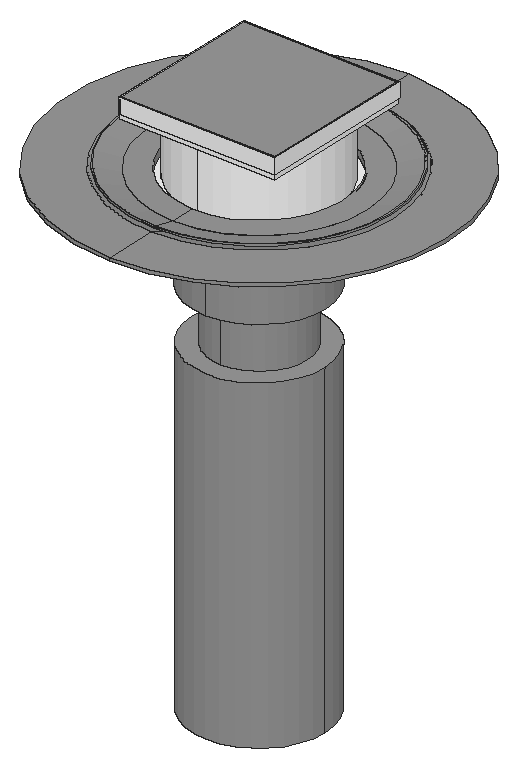
Revit family "HL_RU_Roof drain_HL69B-B-221103", category Sanitärinstallationen, Revit 2020
Family settings
  Bemaßung runder Anschluss = Durchmesser verwenden
  Teiletyp = Normal
  OmniClass-Nummer = 23.70.50.21.24.14
  OmniClass-Titel = Deck Waste Water Drains
  Arbeitsebenenbasiert = Nein
  Immer vertikal = Ja
  Beim Laden mit Abzugskörper schneiden = Nein
  Gemeinsam genutzt = Nein
  Raumberechnungspunkt = Ja
Parameters (values of type "HL_Кровельная воронка_HL69B_2")
  РЕШЁТКА = "Edelstahl 137x137mm"
  РАЗМЕР = "für DN125"
  ПРОПУСКНАЯ СПОСОБНОСТЬ [instance] = 0.0 L/s
  ПРОИЗВОДИТЕЛЬНОСТЬ = "8,17 l/s"
  ПРАВОВАЯ ИНФОРМАЦИЯ = "Авторские права(©), права на дизайн или какие либо другие права интелектуальной собственности являются исключительной собственностью компании HL Hutterer & Lechner. Изменению не подлежит. Файл семейства с данными о прозводителе изделия защищен паролем с водяным знаком."
  НОМИНАЛЬНЫЙ ДИАМЕТР = 125 mm
  НАСАДКА = "12-65mm/148x148mm"
  МАТЕРИАЛ = "PP"
  МАКСИМАЛЬНАЯ НАГРУЗКА КЛАССА = "K - 300 kg"
  ВЫСОТА МОНТАЖА = "301 mm"
  ВЕС = "2,569 [kg]"
  Vorgabe-Ansicht = 0 mm
  Hersteller = "HL Hutterer & Lechner GmbH"  # constant formula
  URL = "http://www.hutterer-lechner.com/ru/products/catalog/roof-drains/HL69B/2.aspx"
  Материал плитка [instance] = none
  Lüftungsverbindung = no
  Abwasserrohrverbindung = yes
  HW-Verbindung = no
  KW-Verbindung = no
  Beschreibung = "Кровельные воронки"
  Model = "HL69B_2"
  Assembly Code = " "
  Typenkommentare = "HL69B/2, \"Ремонтная\" кровельная воронка для DN125. Проходная _ 148х148мм/137х137мм."
  Keynote = "HL69B_2"
  Bысота монтажа [instance] = 65 mm
  G [instance] = 180.00°  # constant formula
  EAN = "9003076009237"
  D [instance] = if(НОМИНАЛЬНЫЙ ДИАМЕТР = 110 mm, 358.8 mm, if(НОМИНАЛЬНЫЙ ДИАМЕТР = 125 mm, 358.8 mm, 245 mm)) + Bысота монтажа  # 423.8 mm
  C [instance] = if(Bысота монтажа - 68 mm < 0 mm, 0 mm, Bысота монтажа - 68 mm)  # 0 mm
  B [instance] = 100 mm  # constant formula
  A [instance] = if(B - 100 mm > 15 mm, B - 100 mm, 15 mm)  # 15 mm
Types (5, lengths in mm): name | РАЗМЕР | ПРОИЗВОДИТЕЛЬНОСТЬ | НОМИНАЛЬНЫЙ ДИАМЕТР | ВЕС | URL | Model | Typenkommentare | Keynote | EAN | D
  (no name) | "für DN125" | "8,17 l/s" | 125 | "2,569 [kg]" | "http://www.hutterer-lechner.com/ru/products/catalog/roof-drains/HL69B/2.aspx" | "HL69B_2" | "HL69B/2, \"Ремонтная\" кровельная воронка для DN125. Проходная _ 148х148мм/137х137мм." | "HL69B_2" | "9003076009237" | 423.8
  HL_Кровельная воронка_HL69B_1 | "für DN110" | "6,83 l/s" | 110 | "2,02 [kg]" | "http://www.hutterer-lechner.com/ru/products/catalog/roof-drains/HL69B/1.aspx" | "HL69B_1" | "HL69B/1, \"Ремонтная\" кровельная воронка для DN110. Проходная _ 148х148мм/137х137мм." | "HL69B_1" | "9003076009176" | 423.8
  HL_Кровельная воронка_HL69B_2 | "für DN125" | "8,17 l/s" | 125 | "2,569 [kg]" | "http://www.hutterer-lechner.com/ru/products/catalog/roof-drains/HL69B/2.aspx" | "HL69B_2" | "HL69B/2, \"Ремонтная\" кровельная воронка для DN125. Проходная _ 148х148мм/137х137мм." | "HL69B_2" | "9003076009237" | 423.8
  HL_Кровельная воронка_HL69B_5 | "für DN160" | "6,50 l/s" | 160 | "2,02 [kg]" | "http://www.hutterer-lechner.com/ru/products/catalog/roof-drains/HL69B/5.aspx" | "HL69B_5" | "HL69B/5, \"Ремонтная\" кровельная воронка для DN160. Проходная _ 148х148мм/137х137мм." | "HL69B_5" | "9003076009213" | 310
  HL_Кровельная воронка_HL69B_7 | "für DN75" | "7,00 l/sec" | 75 | "1,961 [kg]" | "http://www.hutterer-lechner.com/ru/products/catalog/roof-drains/HL69B/7.aspx" | "HL69B_7" | "HL69B/7, \"Ремонтная\" кровельная воронка для DN75. Проходная _ 148х148мм/137х137мм." | "HL69B_7" | "9003076009190" | 310
Reference planes
  plane 1 "Center (Front/Back)": y = 0
  plane 2: z = 0
  plane 3 "Center (Left/Right)": x = 0
  plane 4: z = -100
  plane 5: z = -65
Lines and regions (mm)
  model lines, style "InvisibleLines"
    curve 1: line (0, 0, 0) -> (0, 0, 20)
  model lines, style "PlumbingFixtures", detail levels coarse+medium
    curve 2: line (0, 0, -100) -> (0, 0, -85)
    curve 3: line (0, 0, -85) -> (-85, 0, 0)
    curve 4: line (0, 0, -85) -> (85, 0, 0)
    curve 6: line (0, 0, -100) -> (0, 0, -523.8)
  reference lines, not visible
    curve 5: line (0, 0, -100) -> (0, 0, -523.8)
  symbolic lines, style "PlumbingFixtures", detail levels coarse+medium
    curve 7: line (-75, 75, 0) -> (75, 75, 0)
    curve 8: line (-75, -75, 0) -> (-75, 75, 0)
    curve 9: line (75, -75, 0) -> (-75, -75, 0)
    curve 10: line (75, 75, 0) -> (75, -75, 0)
    curve 11: line (-75, 75, 0) -> (-145.711, 145.711, 0)
    curve 12: line (75, 75, 0) -> (145.711, 145.711, 0)
    curve 13: line (-75, -75, 0) -> (-145.711, -145.711, 0)
    curve 14: line (75, -75, 0) -> (145.711, -145.711, 0)
  symbolic lines, style "PlumbingFixtures", not visible, detail levels coarse+medium
    curve 15: line (-75, 75, 0) -> (75, 75, 0)
    curve 16: line (-75, -75, 0) -> (-75, 75, 0)
    curve 17: line (75, -75, 0) -> (-75, -75, 0)
    curve 18: line (75, 75, 0) -> (75, -75, 0)
    curve 19: line (-75, 75, 0) -> (-145.711, 145.711, 0)
    curve 20: line (75, 75, 0) -> (145.711, 145.711, 0)
    curve 21: line (-75, -75, 0) -> (-145.711, -145.711, 0)
    curve 22: line (75, -75, 0) -> (145.711, -145.711, 0)
Text (mm)
  text "FLOOR" at (-162.344, 0, -10.979), in view "Drain Construction View"
Dimensions and locks
  "B": plane 2 to plane 4
  "Bысота монтажа": plane 2 to plane 5
  "A": curve 4 to plane 4
  "D": curve 5 to curve 5
  "D": curve 6 to curve 6
  locked: curve 4 to plane 3 "Center (Left/Right)" (angle 45.00°)
  locked: plane 3 "Center (Left/Right)" to curve 3 (angle 45.00°)
  "G": angle curve 5 to plane 3 "Center (Left/Right)"
  aligned and locked: level to plane 2
  aligned and locked: plane 2 to curve 4
  aligned and locked: plane 2 to curve 3
  aligned and locked: plane 4 to curve 5
  aligned and locked: plane 3 "Center (Left/Right)" to curve 5
  aligned and locked: plane 4 to curve 2
  aligned and locked: curve 6 to plane 4
  aligned and locked: plane 3 "Center (Left/Right)" to nested 1
  aligned and locked: plane 5 to nested 2
  aligned and locked: plane 2 to nested 1
  aligned and locked: nested 2 to curve 6
Automatic sketch dimensions
  curve 2 to plane 3 "Center (Left/Right)" = 0 mm
  curve 1 to plane 3 "Center (Left/Right)" = 0 mm
  curve 1 to level = 0 mm
  level to curve 1 = 20 mm
Nested families
  nested 1: "HL_Насадка_HL66.9S" at (0, 0, 0), Bысота монтажа <- "Bысота монтажа", type "HL_Grate frame_HL66.9S"
    with L 93 mm, IHmin 12 mm, IHmax 65 mm, Bысота монтажа 65 mm
  nested 2: "HL_кровельные воронки - корпус_HL69" at (0, 0, -65), НОМИНАЛЬНЫЙ ДИАМЕТР <- "НОМИНАЛЬНЫЙ ДИАМЕТР", type "HL_кровельные воронки - корпус_HL69"
    with НОМИНАЛЬНЫЙ ДИАМЕТР 125 mm, C no, B no, A yes
Connectors
  piping at (0, 0, -523.8), diameter 125, driven by "ПРОПУСКНАЯ СПОСОБНОСТЬ", driven by "НОМИНАЛЬНЫЙ ДИАМЕТР"
    settings: on curve 5, index 1, connector inside diameter 609.6 mm, connector length 0 mm, flow factor 0, pipe flow 0.0 L/s, pressure drop 0.0 Pa, fitting loss kfactor 0, connector angle 0.00°, fixture units 0, engagement length 0 mm, angle of deflection 0.00°, flow configuration 1, flow direction 2, fitting loss method 0, system type 16, joint type 0, gender type 0, connector reference index -1, connector utility 0, adjustable connector yes, is connector primary yes, connector description ""
Definition of nested family "HL_Насадка_HL66.9S"
  Parameters (values of type "HL_Grate frame_HL66.9S")
    РЕШЁТКА = "Edelstahl 138x138mm"
    РАЗМЕР = "d 145 mm"
    ПРАВОВАЯ ИНФОРМАЦИЯ = "Авторские права(©), права на дизайн или какие либо другие права интелектуальной собственности являются исключительной собственностью компании HL Hutterer & Lechner. Изменению не подлежит. Файл семейства с данными о прозводителе изделия защищен паролем с водяным знаком."
    НАСАДКА = "147x147mm"
    МАТЕРИАЛ = "PP"
    МАКСИМАЛЬНАЯ НАГРУЗКА КЛАССА = "K - 300 kg"
    ВЫСОТА МОНТАЖА = "12-65mm"
    Материал плитка = none
    ВЕС = "0,345 [kg]"
    Default Elevation = 0 mm
    L [instance] = if(Bысота монтажа < IHmin, -100 mm, if(Bысота монтажа > IHmax, -100 mm, Bысота монтажа + 28 mm))  # 93 mm
    Manufacturer = "HL Hutterer & Lechner GmbH"
    URL = "http://www.hutterer-lechner.com/ru/products/catalog/roof-drains/HL66.9.aspx"
    Description = "Кровельные воронки"
    Model = "HL66.9"
    Type Comments = "HL66.9, Насадка d 145мм с бороздками/147х147мм/138х138мм"
    Keynote = "HL66.9"
    Bысота монтажа [instance] = 65 mm
    IHmin [instance] = 12 mm
    IHmax [instance] = 65 mm
    EAN = "9003076014606"
    Cost = 0
  Reference planes
    plane 1 "Střed (vpředu/vzadu)": y = 0
    plane 2: z = 0
    plane 3 "Střed (vlevo/vpravo)": x = 0
  Forms (mm)
    Revolve 1, solid, detail levels fine
      sketch origin (0, 0, 128) x (0, 1, 0) y (0, 0, 1)
        loop
          line (72.5, -142) -> (69.248, -142) -> (69.248, -221) -> (72.5, -221) -> (72.5, -142)
        axis (0, -142) -> (0, -221)
      angle from 0 to 360
    Extrusion 2, solid, detail levels fine
      sketch origin (-1.537, 0, -14.6) x (0, 1, 0) y (-1, 0, 0)
        loop
          line (74, 72.459) -> (-74, 72.459) -> (-74, -75.537) -> (74, -75.537) -> (74, 72.459)
        loop
          line (73, 71.463) -> (-73, 71.463) -> (-73, -74.537) -> (73, -74.537) -> (73, 71.463)
      from 0.6 to 14.6
    Extrusion 3, solid, detail levels fine
      sketch origin (-1.537, 0, -14) x (-1, 0, 0) y (0, 1, 0)
        loop
          line (71.463, 73) -> (-74.537, 73) -> (-74.537, -73) -> (71.463, -73) -> (71.463, 73)
        loop
          circle (-1.537, 0) r 72.5
      from 0 to 5
    Extrusion 4, solid, detail levels fine
      sketch origin (-1.537, 0, -14) x (-1, 0, 0) y (0, -1, 0)
        loop
          line (70.95, -72.397) -> (70.95, 72.463) -> (-74.05, 72.463) -> (-74.05, -72.397) -> (70.95, -72.397)
      from 0 to 14
    Revolve 5, solid, detail levels fine
      sketch origin (0, 75.989, -93) x (0, -1, 0) y (0, 0, -1)
        loop
          line (3.489, -20) -> (3.489, 0) -> (0.186, 0) -> (-2.325, -2.511) -> (-2.325, -20) -> (3.489, -20)
        axis (75.989, -20) -> (75.989, 0)
      angle from 0 to 360
  Lines and regions (mm)
    model lines, detail levels fine
      curve 1: line (36.25, 24.325, 0) -> (36.25, -24.42, 0)
      curve 2: line (43.75, -24.42, 0) -> (43.75, 24.325, 0)
      curve 3: line (52.25, 40.306, 0) -> (52.25, -40.355, 0)
      curve 4: line (59.75, -40.355, 0) -> (59.75, 40.306, 0)
      curve 5: line (20.25, 8.588, 0) -> (20.25, -8.684, 0)
      curve 6: line (27.75, -8.684, 0) -> (27.75, 8.588, 0)
      curve 7: arc (27.75, 8.588, 0) -> (24, 12.338, 0) -> (20.25, 8.588, 0) r 3.75
      curve 8: arc (20.25, -8.684, 0) -> (24, -12.434, 0) -> (27.75, -8.684, 0) r 3.75
      curve 9: arc (36.25, -24.42, 0) -> (40, -28.17, 0) -> (43.75, -24.42, 0) r 3.75
      curve 10: arc (43.75, 24.325, 0) -> (40, 28.075, 0) -> (36.25, 24.325, 0) r 3.75
      curve 11: arc (59.75, 40.306, 0) -> (56, 44.056, 0) -> (52.25, 40.306, 0) r 3.75
      curve 12: arc (52.25, -40.355, 0) -> (56, -44.105, 0) -> (59.75, -40.355, 0) r 3.75
      curve 13: line (-24.325, -36.25, 0) -> (24.42, -36.25, 0)
      curve 14: line (24.42, -43.75, 0) -> (-24.325, -43.75, 0)
      curve 15: line (-40.306, -52.25, 0) -> (40.355, -52.25, 0)
      curve 16: line (40.355, -59.75, 0) -> (-40.306, -59.75, 0)
      curve 17: line (-8.588, -20.25, 0) -> (8.684, -20.25, 0)
      curve 18: line (8.684, -27.75, 0) -> (-8.588, -27.75, 0)
      curve 19: arc (-8.588, -27.75, 0) -> (-12.338, -24, 0) -> (-8.588, -20.25, 0) r 3.75
      curve 20: arc (8.684, -20.25, 0) -> (12.434, -24, 0) -> (8.684, -27.75, 0) r 3.75
      curve 21: arc (24.42, -36.25, 0) -> (28.17, -40, 0) -> (24.42, -43.75, 0) r 3.75
      curve 22: arc (-24.325, -43.75, 0) -> (-28.075, -40, 0) -> (-24.325, -36.25, 0) r 3.75
      curve 23: arc (-40.306, -59.75, 0) -> (-44.056, -56, 0) -> (-40.306, -52.25, 0) r 3.75
      curve 24: arc (40.355, -52.25, 0) -> (44.105, -56, 0) -> (40.355, -59.75, 0) r 3.75
      curve 25: line (36.25, -24.42, 0) -> (36.25, 24.325, 0)
      curve 26: line (43.75, 24.325, 0) -> (43.75, -24.42, 0)
      curve 27: line (52.25, -40.355, 0) -> (52.25, 40.306, 0)
      curve 28: line (59.75, 40.306, 0) -> (59.75, -40.355, 0)
      curve 29: line (20.25, -8.684, 0) -> (20.25, 8.588, 0)
      curve 30: line (27.75, 8.588, 0) -> (27.75, -8.684, 0)
      curve 31: arc (27.75, -8.588, 0) -> (24, -12.338, 0) -> (20.25, -8.588, 0) r 3.75
      curve 32: arc (20.25, 8.684, 0) -> (24, 12.434, 0) -> (27.75, 8.684, 0) r 3.75
      curve 33: arc (36.25, 24.42, 0) -> (40, 28.17, 0) -> (43.75, 24.42, 0) r 3.75
      curve 34: arc (43.75, -24.325, 0) -> (40, -28.075, 0) -> (36.25, -24.325, 0) r 3.75
      curve 35: arc (59.75, -40.306, 0) -> (56, -44.056, 0) -> (52.25, -40.306, 0) r 3.75
      curve 36: arc (52.25, 40.355, 0) -> (56, 44.105, 0) -> (59.75, 40.355, 0) r 3.75
      curve 37: line (24.42, -36.25, 0) -> (-24.325, -36.25, 0)
      curve 38: line (-24.325, -43.75, 0) -> (24.42, -43.75, 0)
      curve 39: line (40.355, -52.25, 0) -> (-40.306, -52.25, 0)
      curve 40: line (-40.306, -59.75, 0) -> (40.355, -59.75, 0)
      curve 41: line (8.684, -20.25, 0) -> (-8.588, -20.25, 0)
      curve 42: line (-8.588, -27.75, 0) -> (8.684, -27.75, 0)
      curve 43: arc (8.588, -27.75, 0) -> (12.338, -24, 0) -> (8.588, -20.25, 0) r 3.75
      curve 44: arc (-8.684, -20.25, 0) -> (-12.434, -24, 0) -> (-8.684, -27.75, 0) r 3.75
      curve 45: arc (-24.42, -36.25, 0) -> (-28.17, -40, 0) -> (-24.42, -43.75, 0) r 3.75
      curve 46: arc (24.325, -43.75, 0) -> (28.075, -40, 0) -> (24.325, -36.25, 0) r 3.75
      curve 47: arc (40.306, -59.75, 0) -> (44.056, -56, 0) -> (40.306, -52.25, 0) r 3.75
      curve 48: arc (-40.355, -52.25, 0) -> (-44.105, -56, 0) -> (-40.355, -59.75, 0) r 3.75
      curve 49: line (-36.25, 24.325, 0) -> (-36.25, -24.325, 0)
      curve 50: line (-43.75, -24.325, 0) -> (-43.75, 24.325, 0)
      curve 51: line (-52.25, 40.306, 0) -> (-52.25, -40.306, 0)
      curve 52: line (-59.75, -40.306, 0) -> (-59.75, 40.306, 0)
      curve 53: line (-20.25, 8.588, 0) -> (-20.25, -8.588, 0)
      curve 54: line (-27.75, -8.684, 0) -> (-27.75, 8.588, 0)
      curve 55: arc (-27.75, 8.588, 0) -> (-24, 12.338, 0) -> (-20.25, 8.588, 0) r 3.75
      curve 56: arc (-20.25, -8.684, 0) -> (-24, -12.434, 0) -> (-27.75, -8.684, 0) r 3.75
      curve 57: arc (-43.75, 24.325, 0) -> (-40, 28.075, 0) -> (-36.25, 24.325, 0) r 3.75
      curve 58: arc (-59.75, 40.306, 0) -> (-56, 44.056, 0) -> (-52.25, 40.306, 0) r 3.75
      curve 59: line (-36.25, -24.325, 0) -> (-36.25, 24.325, 0)
      curve 60: line (-43.75, 24.325, 0) -> (-43.75, -24.325, 0)
      curve 61: line (-52.25, -40.306, 0) -> (-52.25, 40.306, 0)
      curve 62: line (-59.75, 40.306, 0) -> (-59.75, -40.306, 0)
      curve 63: line (-20.25, -8.588, 0) -> (-20.25, 8.588, 0)
      curve 64: line (-27.75, 8.588, 0) -> (-27.75, -8.684, 0)
      curve 65: arc (-27.75, -8.588, 0) -> (-24, -12.338, 0) -> (-20.25, -8.588, 0) r 3.75
      curve 66: arc (-20.25, 8.684, 0) -> (-24, 12.434, 0) -> (-27.75, 8.684, 0) r 3.75
      curve 67: arc (-36.25, 24.42, 0) -> (-40, 28.17, 0) -> (-43.75, 24.42, 0) r 3.75
      curve 68: arc (-43.75, -24.325, 0) -> (-40, -28.075, 0) -> (-36.25, -24.325, 0) r 3.75
      curve 69: arc (-59.75, -40.306, 0) -> (-56, -44.056, 0) -> (-52.25, -40.306, 0) r 3.75
      curve 70: arc (-52.25, 40.355, 0) -> (-56, 44.105, 0) -> (-59.75, 40.355, 0) r 3.75
      curve 71: line (-24.42, 36.25, 0) -> (24.325, 36.25, 0)
      curve 72: line (24.42, 43.75, 0) -> (-24.42, 43.75, 0)
      curve 73: line (-40.355, 52.25, 0) -> (40.306, 52.25, 0)
      curve 74: line (40.306, 59.75, 0) -> (-40.355, 59.75, 0)
      curve 75: line (-8.588, 20.25, 0) -> (8.588, 20.25, 0)
      curve 76: line (8.684, 27.75, 0) -> (-8.588, 27.75, 0)
      curve 77: arc (-8.588, 27.75, 0) -> (-12.338, 24, 0) -> (-8.588, 20.25, 0) r 3.75
      curve 78: arc (8.684, 20.25, 0) -> (12.434, 24, 0) -> (8.684, 27.75, 0) r 3.75
      curve 79: arc (24.42, 36.25, 0) -> (28.17, 40, 0) -> (24.42, 43.75, 0) r 3.75
      curve 80: line (24.325, 36.25, 0) -> (-24.42, 36.25, 0)
      curve 81: line (-24.42, 43.75, 0) -> (24.42, 43.75, 0)
      curve 82: line (40.306, 52.25, 0) -> (-40.355, 52.25, 0)
      curve 83: line (-40.355, 59.75, 0) -> (40.306, 59.75, 0)
      curve 84: line (8.588, 20.25, 0) -> (-8.588, 20.25, 0)
      curve 85: line (-8.588, 27.75, 0) -> (8.684, 27.75, 0)
      curve 86: arc (8.588, 27.75, 0) -> (12.338, 24, 0) -> (8.588, 20.25, 0) r 3.75
      curve 87: arc (-8.684, 20.25, 0) -> (-12.434, 24, 0) -> (-8.684, 27.75, 0) r 3.75
      curve 88: arc (-24.42, 36.25, 0) -> (-28.17, 40, 0) -> (-24.42, 43.75, 0) r 3.75
      curve 89: arc (24.325, 43.75, 0) -> (28.075, 40, 0) -> (24.325, 36.25, 0) r 3.75
      curve 90: arc (40.306, 59.75, 0) -> (44.056, 56, 0) -> (40.306, 52.25, 0) r 3.75
      curve 91: arc (-40.355, 52.25, 0) -> (-44.105, 56, 0) -> (-40.355, 59.75, 0) r 3.75
    reference lines
      curve 92: line (0, 75.989, -93) -> (0, -174.011, -93)
  Dimensions and locks
    Extrusion 2 sketch curve to Extrusion 2 sketch curve = 147.996 mm
    Extrusion 2 sketch curve to Extrusion 2 sketch curve = 148 mm
    "L": curve 92 to plane 2
    aligned and locked: level to plane 2
    aligned and locked: Revolve 1 to curve 92
  Automatic sketch dimensions
    plane 1 "Střed (vpředu/vzadu)" to Extrusion 2 sketch curve = 74 mm
    Extrusion 2 sketch curve to Extrusion 2 sketch curve = 1 mm  (x3)
    plane 3 "Střed (vlevo/vpravo)" to Extrusion 2 sketch curve = 74 mm
    Extrusion 2 sketch curve to Extrusion 2 sketch curve = 0.996 mm
    Extrusion 3 sketch curve to Extrusion 2 = 0 mm  (x4)
    Extrusion 3 sketch curve to Extrusion 2 = 73 mm  (x2)
    Extrusion 2 to curve 16 = 13.25 mm
    curve 24 to curve 47 = 3.75 mm
    curve 47 to curve 24 = 0 mm
    curve 48 to curve 23 = 0 mm  (x2)
    curve 23 to curve 38 = 8.5 mm
    curve 24 to curve 12 = 11.895 mm
    curve 12 to curve 35 = 0.048 mm
    curve 15 to curve 69 = 11.944 mm
    curve 22 to curve 45 = 3.75 mm
    curve 21 to curve 46 = 3.75 mm
    curve 46 to curve 21 = 0 mm
    curve 22 to curve 18 = 8.5 mm
    curve 21 to curve 9 = 11.83 mm
    curve 13 to curve 49 = 11.925 mm
    curve 9 to curve 34 = 0.095 mm
    curve 18 to curve 19 = 3.75 mm
    curve 44 to curve 19 = 0 mm  (x2)
    curve 43 to curve 20 = 0 mm
    curve 20 to curve 5 = 11.566 mm
    curve 49 to curve 64 = 15.642 mm
    curve 8 to curve 31 = 0.095 mm
    curve 56 to curve 53 = 0.095 mm
    curve 65 to curve 64 = 17.177 mm
    curve 31 to curve 29 = 17.177 mm
    curve 7 to curve 32 = 0.095 mm
    curve 55 to curve 66 = 0.095 mm
    curve 32 to curve 84 = 11.566 mm
    curve 86 to curve 78 = 3.75 mm
    curve 86 to curve 78 = 0 mm
    curve 77 to curve 87 = 3.75 mm
    curve 87 to curve 77 = 0 mm  (x2)
    curve 66 to curve 60 = 15.642 mm
    curve 32 to curve 26 = 15.642 mm
    curve 10 to curve 33 = 0.095 mm
    curve 57 to curve 67 = 0.095 mm
    curve 33 to curve 71 = 11.83 mm
    curve 89 to curve 89 = 3.75 mm
    curve 88 to curve 88 = 3.75 mm
    curve 89 to curve 79 = 0 mm
    curve 33 to curve 11 = 15.886 mm
    curve 67 to curve 51 = 15.886 mm
    curve 58 to curve 70 = 0.048 mm
    curve 11 to curve 36 = 0.048 mm
    curve 70 to curve 73 = 11.895 mm
    curve 90 to curve 90 = 3.75 mm
    Extrusion 2 to curve 28 = 13.25 mm
    curve 4 to curve 11 = 3.75 mm
    curve 35 to curve 12 = 0 mm
    curve 36 to curve 11 = 0 mm
    curve 3 to curve 2 = 8.5 mm
    curve 3 to curve 39 = 11.895 mm
    curve 11 to curve 83 = 11.944 mm
    curve 24 to curve 47 = 0.048 mm
    curve 26 to curve 9 = 3.75 mm
    curve 33 to curve 10 = 0 mm
    curve 34 to curve 9 = 0 mm
    curve 34 to curve 30 = 8.5 mm
    curve 90 to curve 72 = 15.886 mm
    curve 1 to curve 21 = 11.83 mm
    curve 79 to curve 80 = 0.095 mm
    curve 21 to curve 46 = 0.095 mm
    curve 6 to curve 32 = 3.75 mm
    curve 6 to curve 8 = 3.75 mm
    curve 31 to curve 8 = 0 mm
    curve 29 to curve 17 = 11.566 mm
    curve 7 to curve 78 = 11.566 mm
    curve 78 to curve 86 = 0.095 mm
    curve 20 to curve 43 = 0.095 mm
    curve 43 to curve 41 = 17.177 mm
    curve 86 to curve 77 = 17.177 mm
    curve 19 to curve 44 = 0.095 mm
    curve 77 to curve 87 = 0.095 mm
    curve 87 to curve 53 = 11.566 mm
    curve 53 to curve 66 = 3.75 mm
    curve 55 to curve 66 = 0 mm
    curve 56 to curve 54 = 3.75 mm
    curve 65 to curve 56 = 0 mm
    curve 44 to curve 14 = 15.642 mm
    curve 22 to curve 45 = 0.095 mm
    curve 87 to curve 72 = 15.736 mm
    curve 45 to curve 59 = 11.83 mm
    curve 57 to curve 67 = 3.75 mm
    curve 68 to curve 68 = 3.75 mm
    curve 45 to curve 15 = 15.886 mm
    curve 23 to curve 48 = 0.048 mm
    curve 72 to curve 74 = 15.935 mm
    curve 91 to curve 51 = 11.895 mm
    curve 51 to curve 70 = 3.75 mm
    curve 51 to curve 69 = 3.75 mm
    curve 45 to curve 22 = 0 mm
    curve 36 to curve 28 = 0 mm
    curve 33 to curve 2 = 0 mm
    curve 32 to curve 30 = 0 mm
    curve 66 to curve 55 = 0 mm
    curve 67 to curve 57 = 0 mm
    curve 70 to curve 51 = 0 mm
    Extrusion 4 sketch curve to Extrusion 3 = 0.487 mm
    Extrusion 4 sketch curve to Extrusion 3 = 0.513 mm
    Extrusion 4 sketch curve to Extrusion 3 = 0.603 mm
    Extrusion 4 sketch curve to Extrusion 3 = 0.537 mm
    Revolve 1 sketch curve to plane 1 "Střed (vpředu/vzadu)" = 0 mm
    Revolve 1 sketch curve to level = 14 mm
    Revolve 1 sketch curve to plane 1 "Střed (vpředu/vzadu)" = 69.248 mm
    Revolve 1 sketch curve to Revolve 1 sketch curve = 3.252 mm
    Revolve 1 sketch curve to Revolve 1 sketch curve = 79 mm
    Revolve 1 sketch curve to Revolve 1 sketch curve = 17.5 mm
    level to Revolve 1 sketch curve = 144.5 mm
    Revolve 5 sketch curve to curve 92 = 0 mm
    Revolve 5 sketch curve to curve 92 = 2.325 mm
    curve 92 to Revolve 5 sketch curve = 0.186 mm
    curve 92 to Revolve 5 sketch curve = 3.489 mm
    Revolve 5 sketch curve to curve 92 = 2.511 mm
    Revolve 5 sketch curve to curve 92 = 20 mm
    curve 92 to Revolve 5 sketch curve = 75.989 mm
    Revolve 5 sketch curve to curve 92 = 393 mm
    curve 92 to Revolve 5 sketch curve = 207 mm
    plane 1 "Střed (vpředu/vzadu)" to curve 92 = 174.011 mm
    curve 92 to plane 1 "Střed (vpředu/vzadu)" = 75.989 mm
    radius of Extrusion 3 sketch curve = 72.5 mm
Definition of nested family "HL_кровельные воронки - корпус_HL69"
  Parameters (values of type "HL_кровельные воронки - корпус_HL69")
    НОМИНАЛЬНЫЙ ДИАМЕТР [instance] = 110 mm
    Default Elevation = 0 mm
    Manufacturer = ""
    URL = ""
    Description = ""
    Model = ""
    Type Comments = ""
    Cost = 0
    C [instance] = if(НОМИНАЛЬНЫЙ ДИАМЕТР = 160 mm, (1 = 1), 0 = 1)  # no
    B [instance] = if(НОМИНАЛЬНЫЙ ДИАМЕТР = 75 mm, (1 = 1), 0 = 1)  # no
    A [instance] = if(or(НОМИНАЛЬНЫЙ ДИАМЕТР = 125 mm, НОМИНАЛЬНЫЙ ДИАМЕТР = 110 mm), (1 = 1), 0 = 1)  # yes
  Reference planes
    plane 1 "Střed (vpředu/vzadu)": y = 0
    plane 2: z = 0
    plane 3 "Střed (vlevo/vpravo)": x = 0
  Forms (mm)
    Revolve 1, solid, detail levels fine
      sketch origin (0, 0, 0) x (0, 1, 0) y (0, 0, 1)
        loop
          line (0, -44) -> (80.91, -44) -> (80.91, -36.232) -> (101.88, -36.232) -> (101.88, -9.83) -> (77.75, -25.5) -> (77.75, -41) -> (0, -41) -> (0, -44)
        axis (0, -9.83) -> (0, -44)
      angle from 0 to 360
    Revolve 2, solid, detail levels fine
      sketch origin (0, 0, 0) x (0, 1, 0) y (0, 0, 1)
        loop
          line (124.573, 3.426) -> (123.3, 3.426) -> (101.8, -1.8) -> (79.003, -1.8) -> (79.003, -22.781) -> (74.487, -22.781) -> (74.487, -28.8) -> (75.498, -28.8) -> (75.498, -23.8) -> (80.006, -23.8) -> (80.006, -3) -> (101.756, -3) -> (124.573, 2.058) -> (124.573, 3.426)
        axis (0, 3.426) -> (0, -28.8)
      angle from 0 to 360
    Revolve 3, solid, detail levels fine
      sketch origin (0, 0, 0) x (0, 1, 0) y (0, 0, 1)
        loop
          line (177, -3) -> (177, 0) -> (127.563, 0) -> (101.88, -9.83) -> (101.88, -13.425) -> (130.522, -3) -> (177, -3)
        axis (0, 0) -> (0, -13.425)
      angle from 0 to 360
    Revolve 4, solid, visible <- "A", detail levels fine
      sketch origin (0, -420, 0) x (0, 1, 0) y (0, 0, 1)
        loop
          line (483.14, -99) -> (483.14, -61.957) -> (493.507, -44) -> (420, -44) -> (420, -99) -> (483.14, -99)
        axis (420, -44) -> (420, -99)
      angle from 0 to 360
    Extrusion 5, solid, visible <- "A", detail levels fine
      sketch origin (0, 0, -99) x (0, 1, 0) y (1, 0, 0)
        loop
          circle (0, 0) r 44.902
      from 0 to 50
    Extrusion 6, solid, visible <- "A", detail levels fine
      sketch origin (0, 0, -149) x (-1, 0, 0) y (0, 1, 0)
        loop
          circle (0, 0) r 55
      from 0 to 309.811
    Revolve 7, solid, visible <- "B", detail levels fine
      sketch origin (0, 0, 0) x (0, 1, 0) y (0, 0, 1)
        loop
          line (28.14, -95.1) -> (62.41, -44) -> (0, -44) -> (0, -345) -> (35.84, -345) -> (35.84, -115.1) -> (28.14, -115.1) -> (28.14, -95.1)
        axis (0, -44) -> (0, -345)
      angle from 0 to 360
    Revolve 8, solid, visible <- "C", detail levels fine
      sketch origin (0, 0, 0) x (0, 1, 0) y (0, 0, 1)
        loop
          line (73.507, -44) -> (0, -44) -> (0, -345) -> (81.007, -345) -> (81.007, -106.5) -> (63.507, -106.5) -> (63.507, -66) -> (73.507, -66) -> (73.507, -44)
        axis (0, -44) -> (0, -345)
      angle from 0 to 360
  Dimensions and locks
    "НОМИНАЛЬНЫЙ ДИАМЕТР": diameter of Extrusion 6 sketch curve
    aligned and locked: level to plane 2
  Automatic sketch dimensions
    Revolve 1 sketch curve to plane 1 "Střed (vpředu/vzadu)" = 0 mm  (x2)
    Revolve 1 sketch curve to plane 1 "Střed (vpředu/vzadu)" = 77.75 mm
    Revolve 1 sketch curve to Revolve 1 sketch curve = 3.16 mm
    Revolve 1 sketch curve to level = 9.83 mm
    Revolve 1 sketch curve to Revolve 1 sketch curve = 24.13 mm
    Revolve 1 sketch curve to level = 25.5 mm
    Revolve 1 sketch curve to Revolve 1 sketch curve = 10.732 mm
    Revolve 1 sketch curve to level = 41 mm
    Revolve 1 sketch curve to Revolve 1 sketch curve = 3 mm
    level to Revolve 1 sketch curve = 139.054 mm
    Revolve 1 sketch curve to Revolve 1 sketch curve = 80 mm
    Revolve 2 sketch curve to plane 1 "Střed (vpředu/vzadu)" = 0 mm
    Revolve 2 sketch curve to level = 22.781 mm
    Revolve 2 sketch curve to plane 1 "Střed (vpředu/vzadu)" = 74.487 mm
    Revolve 2 sketch curve to Revolve 2 sketch curve = 1.012 mm
    Revolve 2 sketch curve to Revolve 2 sketch curve = 3.505 mm
    Revolve 2 sketch curve to Revolve 2 sketch curve = 1.003 mm
    Revolve 2 sketch curve to level = 3 mm
    Revolve 2 sketch curve to Revolve 2 sketch curve = 21.75 mm
    Revolve 2 sketch curve to Revolve 2 sketch curve = 0.044 mm
    level to Revolve 2 sketch curve = 3.426 mm
    Revolve 2 sketch curve to Revolve 2 sketch curve = 21.5 mm
    Revolve 2 sketch curve to Revolve 2 sketch curve = 1.273 mm
    Revolve 2 sketch curve to Revolve 2 sketch curve = 1.019 mm
    Revolve 2 sketch curve to Revolve 2 sketch curve = 5 mm
    Revolve 2 sketch curve to Revolve 2 sketch curve = 1.2 mm
    Revolve 2 sketch curve to Revolve 2 sketch curve = 1.368 mm
    level to Revolve 2 sketch curve = 30.586 mm
    Revolve 2 sketch curve to Revolve 2 sketch curve = 22.614 mm
    Revolve 3 sketch curve to plane 1 "Střed (vpředu/vzadu)" = 0 mm
    level to Revolve 3 sketch curve = 0 mm
    Revolve 3 sketch curve to level = 13.425 mm
    Revolve 3 sketch curve to plane 1 "Střed (vpředu/vzadu)" = 101.88 mm
    Revolve 3 sketch curve to Revolve 3 sketch curve = 25.683 mm
    Revolve 3 sketch curve to level = 3 mm
    Revolve 3 sketch curve to Revolve 3 sketch curve = 2.96 mm
    Revolve 3 sketch curve to Revolve 3 sketch curve = 46.478 mm
    Revolve 3 sketch curve to Revolve 3 sketch curve = 3.595 mm
    level to Revolve 3 sketch curve = 51.784 mm
    Revolve 3 sketch curve to Revolve 3 sketch curve = 30 mm
    Revolve 4 sketch curve to plane 1 "Střed (vpředu/vzadu)" = 0 mm  (x2)
    Revolve 4 sketch curve to plane 1 "Střed (vpředu/vzadu)" = 63.14 mm
    Revolve 4 sketch curve to Revolve 4 sketch curve = 10.367 mm
    Revolve 4 sketch curve to level = 99 mm
    Revolve 4 sketch curve to Revolve 4 sketch curve = 37.043 mm
    Revolve 4 sketch curve to level = 44 mm
    level to Revolve 4 sketch curve = 139.054 mm
    Revolve 4 sketch curve to Revolve 4 sketch curve = 80 mm
    Revolve 7 sketch curve to plane 1 "Střed (vpředu/vzadu)" = 0 mm
    Revolve 7 sketch curve to plane 1 "Střed (vpředu/vzadu)" = 28.14 mm
    Revolve 7 sketch curve to plane 1 "Střed (vpředu/vzadu)" = 35.84 mm
    Revolve 7 sketch curve to Revolve 7 sketch curve = 34.27 mm
    Revolve 7 sketch curve to level = 345 mm
    Revolve 7 sketch curve to level = 115.1 mm
    Revolve 7 sketch curve to Revolve 7 sketch curve = 20 mm
    Revolve 7 sketch curve to level = 44 mm
    Revolve 8 sketch curve to plane 1 "Střed (vpředu/vzadu)" = 0 mm
    Revolve 8 sketch curve to plane 1 "Střed (vpředu/vzadu)" = 63.507 mm
    Revolve 8 sketch curve to Revolve 8 sketch curve = 10 mm
    Revolve 8 sketch curve to plane 1 "Střed (vpředu/vzadu)" = 81.007 mm
    Revolve 8 sketch curve to level = 345 mm
    Revolve 8 sketch curve to Revolve 8 sketch curve = 40.5 mm
    Revolve 8 sketch curve to Revolve 8 sketch curve = 22 mm
    Revolve 8 sketch curve to level = 44 mm
    radius of Extrusion 5 sketch curve to Revolve 4 = 18.238 mm
